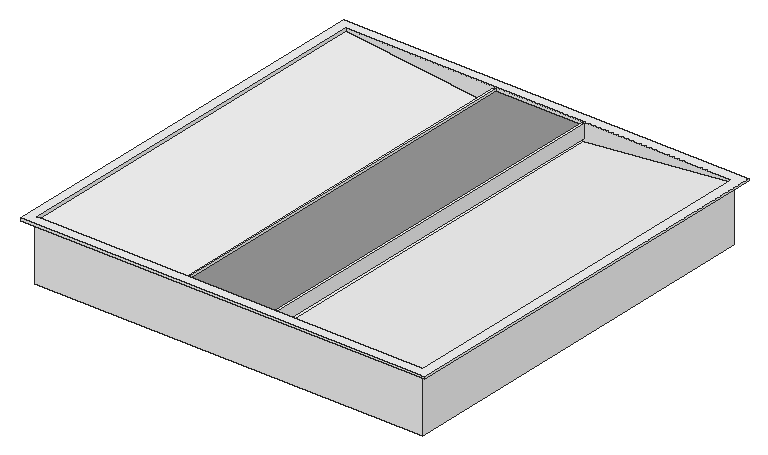
Revit family "2069000 Sylvania Lighting Fixture OFFICELYTE 600 HE 3K", category Lighting Fixtures, host Face, Revit 2017
Family settings
  Host = Face
  Round Connector Dimension = Use Diameter
  Part Type = Normal
  OmniClass Number = 23.80.70.11.17
  OmniClass Title = Specialized Lighting by Location or Use
  Cut with Voids When Loaded = No
  Light Source = Yes
  Shared = No
  Room Calculation Point = No
Parameters (values of type "2069000 OFFICELYTE 600 HE 3K")
  Width_SYL = 595.0 mm
  Weight = "6.0 kg"
  Wattage = 24 W
  WarrantyStartDate [instance] = "n/a"
  WarrantyGuarantorParts = "n/a"
  WarrantyDurationUnit = "n/a"
  WarrantyDurationParts = "n/a"
  WarrantyDescription = "n/a"
  built-in parameter 1150110 = 1 (stored number, unit not read)
  Voltage = 230 V
  URL = "http://www.sylvania-lighting.com"
  TypeName = "OFFICELYTE 600 HE 3K"
  built-in parameter 1114217 = 1 (stored number, unit not read)
  Tilt Angle = -90.00°
  built-in parameter 1150109 = 1 (stored number, unit not read)
  built-in parameter 1150134 = (empty or 0)
  built-in parameter 1150113 = 1 (stored number, unit not read)
  SerialNumber [instance] = "n/a"
  PowerFactor = 0.96
  PowerConsumption = "24 W"
  Photometric Web File = "2069000.ies"
  NominalWidth = 0.0 mm
  NominalLength = 595.0 mm
  NominalHeight = 87.0 mm
  Name = "OFFICELYTE 600 HE 3K"
  ModelReference = "OFFICELYTE 600 HE 3K"
  ModelNumber = "2069000"
  Material = "zintec housing, acrylic diffuser"
  ManufacturerName = "Feilo Sylvania"
  LuminousEfficacy = "139 lm/W"
  LuminaireType = ""
  LightOutputRatio = "100"
  Length_SYL = Width_SYL  # 595.0 mm
  LampsType = Lamp  # "LED"
  LampNominalLuminous = "3345 lm"
  LampMacAdamStep = "n/a"
  LampColourTemperature = "3000 K"
  LampColourRenderingIndex = "80"
  Keynote = "16500"
  InstallationDate [instance] = "n/a"
  InputVoltage = "230-240V~"
  InputNominalFrequency = "50/60 Hz"
  IngressProtection = "IP20"
  ImpactProtectionIndex = "IK02"
  IfcExportType = "IfcLightFixtureType"
  IfcExportAs = "IfcLightFixtureType"
  Height_SYL = 84.0 mm
  ExpectedLife = 50000
  ElectricShockClassification = "Class I"
  DurationUnit = "hours"
  DocumentationLiterature = "http://www.sylvania-lighting.com/product/en-int/products/2069000"
  DimmingControlOptions = "Non dimmable"
  Material_2_SYL = Acrylic_Sylvania_Officelyte LP LED_Satin_4000K
  CreatedOn = "8/23/2018"
  CreatedBy = ""
  built-in parameter 1114216 [instance] = 1 (stored number, unit not read)
  Model = "OFFICELYTE 600 HE 3K"
  Manufacturer = "Havells-Sylvania Group"  # constant formula
  built-in parameter 1150105 = 265.47 (stored number, unit not read)
  Lumens = 3336 lm
  built-in parameter 1150115 = 1 (stored number, unit not read)
  built-in parameter 1150137 = (empty or 0)
  built-in parameter 1150139 = (empty or 0)
  built-in parameter 1150112 = 1 (stored number, unit not read)
  built-in parameter 1150114 = 1 (stored number, unit not read)
  Lamp = "LED"
  built-in parameter 1150132 = 2
  built-in parameter 1150102 = (empty or 0)
  built-in parameter 1150107 = 3000 (stored number, unit not read)
  built-in parameter 1150138 = (empty or 0)
  built-in parameter 1150106 = 2.6547 (stored number, unit not read)
  Material_3_SYL = Steel_Sylvania_Officelyte LP LED_White_RAL 9016
  Emit from Rectangle Width = Width_SYL - 31.0 mm  # 564.0 mm
  Emit from Rectangle Length = Length_SYL - 31.0 mm  # 564.0 mm
  Emit Shape Visible in Rendering = no
  built-in parameter 1150104 = 12.914 (stored number, unit not read)
  Dimming Lamp Color Temperature Shift = <None>
  Material_1_SYL = Steel_Sylvania_Officelyte LP LED_White_RAL 9016
  Description = "The Concord OFFICELYTE LP LED HO 4K 600 is a high efficient luminaire for Office, education, meeting rooms. With efficacy of 95lm/W, at 4549lm, CRI of 85 and a very low glare ratio according to EN12464."  # constant formula
  Default Elevation = 0.0 mm
  Color Filter = 16777215
  built-in parameter 1140040 [instance] = 1
  BarCode [instance] = "n/a"
  built-in parameter 1114218 = 1 (stored number, unit not read)
  built-in parameter 1150133 = 10 (stored number, unit not read)
  AssetType = "Fixed"
  AssetIdentifier [instance] = "n/a"
  Assembly Code = "D5020200"
  Apparent Load = 24 VA
Reference planes
  plane 1 "Center (Front/Back)": y = 0
  plane 2: z = 0
  plane 3 "Center (Left/Right)": x = 0
  plane 4 "Fixture Bottom": z = 3
  plane 5 "Fixture Right": x = 297.5
  plane 6 "Profile Right": x = 284
  plane 7 "Profile Left": x = -284
  plane 8 "Fixture Left": x = -297.5
  plane 9 "Profile Back": y = 284
  plane 10 "Fixture Back": y = 297.5
  plane 11 "Fixture Front": y = -297.5
  plane 12: z = -25
  plane 13 "Box Right": x = 286
  plane 14 "Box Left": x = -286
  plane 15 "Box Back": y = 286
  plane 16 "Box Front": y = -286
  plane 17: x = 66.5
  plane 18: x = -66.5
  plane 19 "Difuser Right": x = 63.5
  plane 20 "Difuser Left": x = -63.5
  plane 21: z = -2
  plane 22: z = -4
  plane 23 "Profile Front": y = -284
  plane 24 "Fixture Top": z = -84
  plane 25 "Box Thickness": z = -82
  plane 26: z = -20
Forms (mm)
  Extrusion 1, void
    sketch origin (0, 0, 59) x (-1, 0, 0) y (0, -1, 0)
      loop
        line (-286, -286) -> (286, -286) -> (286, 286) -> (-286, 286) -> (-286, -286)
    from -141 to -56
  Extrusion 2, solid, material "Steel_Sylvania_Officelyte LP LED_White_RAL 9016" <- "Material_3_SYL", detail levels fine
    sketch origin (20, 0, 59) x (-1, 0, 0) y (0, -1, 0)
      loop
        line (-277.5, -297.5) -> (317.5, -297.5) -> (317.5, 297.5) -> (-277.5, 297.5) -> (-277.5, -297.5)
      loop
        line (304, -284) -> (304, 284) -> (-264, 284) -> (-264, -284) -> (304, -284)
    from -59 to -56
  Extrusion 3, solid, material "Steel_Sylvania_Officelyte LP LED_White_RAL 9016" <- "Material_3_SYL", detail levels fine
    sketch origin (0, 0, 0) x (1, 0, 0) y (0, 0, 1)
      loop
        arc (-65.868, -23.244) -> (-175.523, -17.552) -> (-284, -0.537) r 1059.086
        line (-284, -0.537) -> (-284, -2.581)
        arc (-284, -2.581) -> (-175.521, -19.563) -> (-65.868, -25.244) r 1061.086
        line (-65.868, -25.244) -> (65.87, -25.244)
        arc (65.87, -25.244) -> (175.522, -19.563) -> (284, -2.581) r 1061.094
        line (284, -2.581) -> (284, -0.538)
        arc (284, -0.538) -> (175.524, -17.552) -> (65.87, -23.244) r 1059.094
        line (65.87, -23.244) -> (-65.868, -23.244)
    from -284 to 284
  Extrusion 4, solid, material "Steel_Sylvania_Officelyte LP LED_White_RAL 9016" <- "Material_3_SYL", detail levels fine
    sketch origin (0, 0, 59) x (-1, 0, 0) y (0, -1, 0)
      loop
        line (284, -284) -> (284, 284) -> (-284, 284) -> (-284, -284) -> (284, -284)
      loop
        line (286, -286) -> (286, 286) -> (-286, 286) -> (-286, -286) -> (286, -286)
    from -141 to -59
  Extrusion 5, solid, material "Steel_Sylvania_Officelyte LP LED_White_RAL 9016" <- "Material_3_SYL", detail levels fine
    sketch origin (0, 0, 59) x (-1, 0, 0) y (0, -1, 0)
      loop
        line (66.5, -284) -> (66.5, 284) -> (63.5, 284) -> (63.5, -284) -> (66.5, -284)
      loop
        line (-66.5, 284) -> (-66.5, -284) -> (-63.5, -284) -> (-63.5, 284) -> (-66.5, 284)
    from -79 to -59
  Extrusion 6, solid, material "Acrylic_Sylvania_Officelyte LP LED_Satin_4000K" <- "Material_2_SYL", detail levels fine
    sketch origin (0, 0, -581) x (-1, 0, 0) y (0, -1, 0)
      loop
        line (-63.5, -284) -> (63.5, -284) -> (63.5, 284) -> (-63.5, 284) -> (-63.5, -284)
    from 577 to 579
  Extrusion 7, solid, material "Steel_Sylvania_Officelyte LP LED_White_RAL 9016" <- "Material_1_SYL", detail levels coarse+medium
    sketch origin (0, 0, 59) x (-1, 0, 0) y (0, -1, 0)
      loop
        line (297.5, -297.5) -> (297.5, 297.5) -> (-297.5, 297.5) -> (-297.5, -297.5) -> (297.5, -297.5)
    from -59 to -56
  Extrusion 8, solid, material "Steel_Sylvania_Officelyte LP LED_White_RAL 9016" <- "Material_1_SYL", detail levels coarse+medium
    sketch origin (0, 0, -501) x (-1, 0, 0) y (0, -1, 0)
      loop
        line (286, -286) -> (286, 286) -> (-286, 286) -> (-286, -286) -> (286, -286)
    from 417 to 501
  Extrusion 9, solid, material "Steel_Sylvania_Officelyte LP LED_White_RAL 9016" <- "Material_3_SYL", detail levels fine
    sketch origin (0, 0, 59) x (-1, 0, 0) y (0, -1, 0)
      loop
        line (-286, -286) -> (286, -286) -> (286, 286) -> (-286, 286) -> (-286, -286)
    from -143 to -141
Cuts and joins
  joined: Extrusion 2, Extrusion 4, Extrusion 9
  joined: Extrusion 3, Extrusion 5
Lines and regions (mm)
  symbolic lines
    curve 1: line (-297.5, 297.5, 59) -> (297.5, 297.5, 59)
    curve 2: line (-297.5, -297.5, 59) -> (-297.5, 297.5, 59)
    curve 3: line (297.5, -297.5, 59) -> (-297.5, -297.5, 59)
    curve 4: line (297.5, 297.5, 59) -> (297.5, -297.5, 59)
Dimensions and locks
  "Height_SYL": host face to plane 24 "Fixture Top"
  locked: plane 25 "Box Thickness" to plane 24 "Fixture Top" at 2
  "Width_SYL": plane 10 "Fixture Back" to plane 11 "Fixture Front"
  "Length_SYL": plane 8 "Fixture Left" to plane 5 "Fixture Right"
  equal spacing: plane 10 "Fixture Back", plane 1 "Center (Front/Back)", plane 11 "Fixture Front"
  equal spacing: plane 8 "Fixture Left", plane 3 "Center (Left/Right)", plane 5 "Fixture Right"
  locked: plane 18 to plane 20 "Difuser Left" at 3
  locked: plane 19 "Difuser Right" to plane 17 at 3
  plane 8 "Fixture Left" to plane 14 "Box Left" to plane 7 "Profile Left" = 11.5 mm locked, 2.0 mm locked
  plane 10 "Fixture Back" to plane 15 "Box Back" to plane 9 "Profile Back" = 11.5 mm locked, 2.0 mm locked
  plane 6 "Profile Right" to plane 13 "Box Right" to plane 5 "Fixture Right" = 2.0 mm locked, 11.5 mm locked
  plane 23 "Profile Front" to plane 16 "Box Front" to plane 11 "Fixture Front" = 2.0 mm locked, 11.5 mm locked
  plane 4 "Fixture Bottom" to plane 2 to plane 21 to plane 22 to plane 12 = 3.0 mm locked, 2.0 mm locked, 2.0 mm locked, 21.0 mm locked
  aligned and locked: plane 2 to host face
  aligned and locked: level to host face
  aligned and locked: plane 1 "Center (Front/Back)" to imposter light
  aligned and locked: plane 10 "Fixture Back" to Extrusion 2
  aligned and locked: plane 8 "Fixture Left" to Extrusion 2
  aligned and locked: Extrusion 2 to plane 7 "Profile Left"
  aligned and locked: Extrusion 2 to plane 5 "Fixture Right"
  aligned and locked: plane 6 "Profile Right" to Extrusion 2
  aligned and locked: Extrusion 2 to plane 11 "Fixture Front"
  aligned and locked: plane 4 "Fixture Bottom" to Extrusion 2
  aligned and locked: plane 18 to Extrusion 5 sketch curve
  aligned and locked: Extrusion 5 sketch curve to plane 17
  aligned and locked: plane 19 "Difuser Right" to Extrusion 5 sketch curve
  aligned and locked: Extrusion 5 sketch curve to plane 20 "Difuser Left"
  aligned and locked: plane 19 "Difuser Right" to Extrusion 6 sketch curve
  aligned and locked: Extrusion 6 sketch curve to plane 20 "Difuser Left"
  aligned and locked: plane 21 to Extrusion 6
  aligned and locked: Extrusion 6 to plane 22
  aligned and locked: Extrusion 7 sketch curve to plane 10 "Fixture Back"
  aligned and locked: plane 5 "Fixture Right" to Extrusion 7 sketch curve
  aligned and locked: plane 11 "Fixture Front" to Extrusion 7 sketch curve
  aligned and locked: Extrusion 7 sketch curve to plane 8 "Fixture Left"
  aligned and locked: plane 4 "Fixture Bottom" to Extrusion 7
  aligned and locked: Extrusion 8 to plane 24 "Fixture Top"
  aligned and locked: level to Extrusion 8
  aligned and locked: plane 5 "Fixture Right" to curve 4
  aligned and locked: curve 1 to plane 10 "Fixture Back"
  aligned and locked: curve 2 to plane 8 "Fixture Left"
  aligned and locked: plane 11 "Fixture Front" to curve 3
  aligned and locked: plane 9 "Profile Back" to Extrusion 4
  aligned and locked: Extrusion 4 sketch curve to plane 9 "Profile Back"
  aligned and locked: Extrusion 4 to Extrusion 1
  aligned and locked: imposter light to Extrusion 1
  aligned and locked: Extrusion 9 to plane 24 "Fixture Top"
  aligned and locked: plane 25 "Box Thickness" to Extrusion 9
  aligned and locked: cut or joined group of Extrusion 2, Extrusion 4, Extrusion 9 to plane 25 "Box Thickness"
  aligned and locked: Extrusion 4 sketch curve to plane 13 "Box Right"
  aligned and locked: plane 15 "Box Back" to Extrusion 4 sketch curve
  aligned and locked: Extrusion 4 sketch curve to plane 14 "Box Left"
  aligned and locked: plane 16 "Box Front" to Extrusion 4 sketch curve
  aligned and locked: Extrusion 9 sketch curve to plane 16 "Box Front"
  aligned and locked: plane 13 "Box Right" to Extrusion 9 sketch curve
  aligned and locked: Extrusion 9 sketch curve to plane 15 "Box Back"
  aligned and locked: Extrusion 9 sketch curve to plane 14 "Box Left"
  aligned and locked: plane 7 "Profile Left" to cut or joined group of Extrusion 3, Extrusion 5
  aligned and locked: cut or joined group of Extrusion 3, Extrusion 5 to plane 6 "Profile Right"
  aligned and locked: plane 9 "Profile Back" to cut or joined group of Extrusion 3, Extrusion 5
  aligned and locked: cut or joined group of Extrusion 3, Extrusion 5 to plane 23 "Profile Front"
  aligned and locked: plane 23 "Profile Front" to Extrusion 5 sketch curve
  aligned and locked: Extrusion 5 sketch curve to plane 9 "Profile Back"
  aligned and locked: Extrusion 8 sketch curve to plane 13 "Box Right"
  aligned and locked: plane 15 "Box Back" to Extrusion 8 sketch curve
  aligned and locked: plane 16 "Box Front" to Extrusion 8 sketch curve
  aligned and locked: plane 14 "Box Left" to Extrusion 8 sketch curve
  aligned and locked: Extrusion 1 sketch curve to Extrusion 8  (x4)
  aligned and locked: Extrusion 6 sketch curve to plane 23 "Profile Front"
  aligned and locked: plane 9 "Profile Back" to Extrusion 6 sketch curve
  aligned and locked: cut or joined group of Extrusion 3, Extrusion 5 to plane 26
  aligned and locked: plane 4 "Fixture Bottom" to imposter light
Automatic sketch dimensions
  host sketch curve to host sketch curve = 1305.563 mm
  host sketch curve to host sketch curve = 1414.187 mm
  Extrusion 2 sketch curve to plane 5 "Fixture Right" = 0.0 mm
  Extrusion 2 sketch curve to plane 6 "Profile Right" = 0.0 mm
  Extrusion 2 sketch curve to plane 7 "Profile Left" = 0.0 mm
  Extrusion 2 sketch curve to plane 8 "Fixture Left" = 0.0 mm
  Extrusion 2 sketch curve to plane 10 "Fixture Back" = 0.0 mm
  plane 9 "Profile Back" to Extrusion 2 sketch curve = 0.0 mm
  Extrusion 2 sketch curve to plane 23 "Profile Front" = 0.0 mm
  Extrusion 2 sketch curve to plane 11 "Fixture Front" = 0.0 mm
  Extrusion 3 sketch curve to Extrusion 3 sketch curve = 0.0 mm  (x2)
  Extrusion 3 sketch curve to Extrusion 3 sketch curve = 0.001 mm  (x2)
  Extrusion 3 sketch curve to level = 0.537 mm
  plane 14 "Box Left" to Extrusion 3 sketch curve = 2.0 mm
  Extrusion 3 sketch curve to plane 12 = 0.244 mm
  plane 18 to Extrusion 3 sketch curve = 0.632 mm
  Extrusion 3 sketch curve to plane 17 = 0.63 mm
  Extrusion 3 sketch curve to level = 0.538 mm
  Extrusion 3 sketch curve to plane 13 "Box Right" = 2.0 mm
  Extrusion 3 sketch curve to level = 23.244 mm
  Extrusion 4 sketch curve to plane 6 "Profile Right" = 0.0 mm
  Extrusion 4 sketch curve to plane 7 "Profile Left" = 0.0 mm
  Extrusion 4 sketch curve to plane 23 "Profile Front" = 0.0 mm
  Extrusion 5 sketch curve to plane 9 "Profile Back" = 0.0 mm
  Extrusion 5 sketch curve to plane 23 "Profile Front" = 0.0 mm
Connectors
  electrical at (0, 0, -84), driven by "Apparent Load"
    settings: on Extrusion 8, index 1, voltage 230 V, apparent load 0 VA, apparent load phase1 24 VA, apparent load phase2 0 VA, apparent load phase3 0 VA, power factor 1, load classification "Lighting", number of poles 1, system type 31, power factor state 1, is connector primary yes, connector utility no, sub classification motor no, connector description ""
